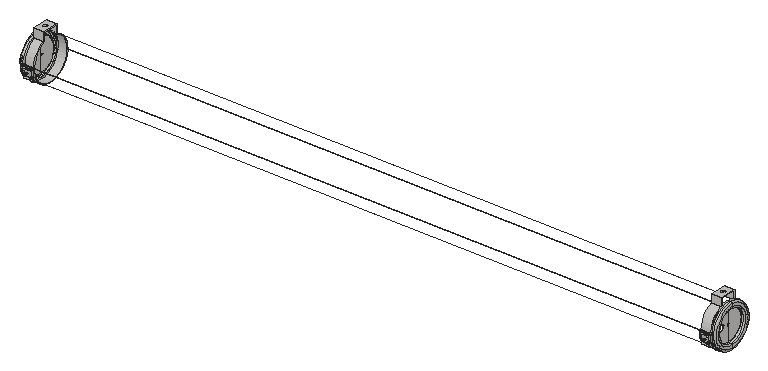
Revit family "FT Farm LED_2020", category Lighting Fixtures, Revit 2020
Family settings
  Round Connector Dimension = Use Diameter
  Part Type = Normal
  OmniClass Number = 23.80.70.00
  OmniClass Title = Lighting
  Work Plane-Based = No
  Always vertical = Yes
  Cut with Voids When Loaded = No
  Light Source = Yes
  Shared = No
  Room Calculation Point = No
Parameters (values of type "Q0963")
  Watts = 40 W
  Wattage = 45.1051 W
  built-in parameter 1150110 = 1 (stored number, unit not read)
  Useful life = "L70B50>50000"
  Unify glade rating = "UGR<19"
  URL = "https://www.airfal.com/prod/luminarias-estancas/luminaria-farm-led-2/"
  built-in parameter 1114217 = 1 (stored number, unit not read)
  Tilt Angle = 90.00°
  built-in parameter 1150109 = 1 (stored number, unit not read)
  built-in parameter 1150134 = 12
  built-in parameter 1150113 = 1 (stored number, unit not read)
  Size = 1500.00 mm
  Photometric Web File = "Q0963 FARM 1500 40W 6940 lm G5.IES"
  Photobiological risk group = "RG 0/1"
  Net output = 5193 lm
  MacAdam Ellipse = "3/4"
  built-in parameter 1150105 = 533.17 (stored number, unit not read)
  Lumens = 6700 lm
  built-in parameter 1150115 = 1 (stored number, unit not read)
  built-in parameter 1150137 = (empty or 0)
  built-in parameter 1150139 = (empty or 0)
  Led Module = yes
  built-in parameter 1150112 = 1 (stored number, unit not read)
  built-in parameter 1150114 = 1 (stored number, unit not read)
  L = 1660.00 mm
  built-in parameter 1150132 = 2
  built-in parameter 1150102 = (empty or 0)
  built-in parameter 1150107 = 4000 (stored number, unit not read)
  built-in parameter 1150138 = (empty or 0)
  built-in parameter 1150106 = 5.3317 (stored number, unit not read)
  IP = "IP69K"
  IK = "IK10"
  Glow wire test = ""
  Emit from Line Length = 609.60 mm
  Emergency system = no
  built-in parameter 1150104 = 13.8 (stored number, unit not read)
  EX Area = ""
  Dimming Lamp Color Temperature Shift = <None>
  Description = "https://www.airfal.com/wp-content/uploads/2018/12/FT-Farm-1.pdf"
  Default Elevation = 0.00 mm
  Color Filter = 16777215
  Chromatic Index = "CR>80"
  built-in parameter 1114218 = 1 (stored number, unit not read)
  built-in parameter 1150133 = 10 (stored number, unit not read)
Types (12, lengths in mm): name | Watts | Wattage | Tilt Angle | built-in parameter 1150134 | Size | Photometric Web File | Net output | built-in parameter 1150105 | Lumens | L | built-in parameter 1150107 | built-in parameter 1150106
  Q0795 | 13 W | 10.0308 W | 60.00° | (empty or 0) | 600.00 | "generic" | 1155 lm | 118.57 (stored number, unit not read) | 1490 lm | 763.00 | 3000 (stored number, unit not read) | 1.1857 (stored number, unit not read)
  Q0899 | 13 W | 10.4348 W | 60.00° | 12 | 600.00 | "generic" | 1201 lm | 123.35 (stored number, unit not read) | 1550 lm | 763.00 | 4000 (stored number, unit not read) | 1.2335 (stored number, unit not read)
  Q0900 | 16 W | 17.2342 W | 90.00° | (empty or 0) | 600.00 | "Q0900 FARM 600 16W 2650 lm G5.IES" | 1984 lm | 203.72 (stored number, unit not read) | 2560 lm | 763.00 | 3000 (stored number, unit not read) | 2.0372 (stored number, unit not read)
  Q0955 | 16 W | 17.9747 W | 90.00° | 12 | 600.00 | "Q0955 FARM 600 16W  2775 lm G5.IES" | 2070 lm | 212.47 (stored number, unit not read) | 2670 lm | 763.00 | 4000 (stored number, unit not read) | 2.1247 (stored number, unit not read)
  Q0796 | 24 W | 20.0617 W | 60.00° | (empty or 0) | 1200.00 | "generic" | 2310 lm | 237.14 (stored number, unit not read) | 2980 lm | 1375.00 | 3000 (stored number, unit not read) | 2.3714 (stored number, unit not read)
  Q0957 | 24 W | 21.5427 W | 60.00° | 12 | 1200.00 | "generic" | 2480 lm | 254.65 (stored number, unit not read) | 3200 lm | 1375.00 | 4000 (stored number, unit not read) | 2.5465 (stored number, unit not read)
  Q0958 | 32 W | 34.4684 W | 90.00° | (empty or 0) | 1200.00 | "Q0958 FARM 1200 32W  5300 lm G5.IES" | 3969 lm | 407.44 (stored number, unit not read) | 5120 lm | 1375.00 | 3000 (stored number, unit not read) | 4.0744 (stored number, unit not read)
  Q0959 | 32 W | 35.9494 W | 90.00° | 12 | 1200.00 | "Q0959 FARM 1200 32W 5550 lm G5.IES" | 4139 lm | 424.94 (stored number, unit not read) | 5340 lm | 1375.00 | 4000 (stored number, unit not read) | 4.2494 (stored number, unit not read)
  Q0797 | 32 W | 25.0434 W | 60.00° | (empty or 0) | 1500.00 | "generic" | 2883 lm | 296.03 (stored number, unit not read) | 3720 lm | 1660.00 | 3000 (stored number, unit not read) | 2.9603 (stored number, unit not read)
  Q0961 | 29 W | 26.9284 W | 60.00° | 12 | 1500.00 | "generic" | 3100 lm | 318.31 (stored number, unit not read) | 4000 lm | 1660.00 | 4000 (stored number, unit not read) | 3.1831 (stored number, unit not read)
  Q0962 | 40 W | 42.4796 W | 90.00° | (empty or 0) | 1500.00 | "Q0962 FARM 1500 40W 6631 lm G5.IES" | 5193 lm | 502.13 (stored number, unit not read) | 6310 lm | 1660.00 | 3000 (stored number, unit not read) | 5.0213 (stored number, unit not read)
  Q0963 | 40 W | 45.1051 W | 90.00° | 12 | 1500.00 | "Q0963 FARM 1500 40W 6940 lm G5.IES" | 5193 lm | 533.17 (stored number, unit not read) | 6700 lm | 1660.00 | 4000 (stored number, unit not read) | 5.3317 (stored number, unit not read)
Reference planes
  plane 1 "Light Source Axis (F/B)": y = -218.644
  plane 2: z = 0
  plane 3 "Light Source Axis (L/R)": x = 0
  plane 4 "Light Source Elevation": z = 1371.6
  plane 5: z = 0
  plane 6: x = -830
  plane 7: x = 830
  plane 8: z = 1321.6
Forms (mm)
  Extrusion 1, solid, material "Polycarbonate"
    sketch origin (0, 0, 0) x (0, 1, 0) y (0, 0, 1)
      loop
        circle (-218.644, 1371.6) r 50
    from -830 to 830
Dimensions and locks
  equal spacing: plane 6, plane 3 "Light Source Axis (L/R)", plane 7
  "L": plane 6 to plane 7
  aligned and locked: level to plane 5
  aligned and locked: Extrusion 1 to plane 6
  aligned and locked: Extrusion 1 to plane 7
  aligned and locked: plane 7 to nested 3
  aligned and locked: nested 3 to plane 4 "Light Source Elevation"
  aligned and locked: plane 6 to nested 4
  aligned and locked: plane 4 "Light Source Elevation" to nested 4
  aligned and locked: plane 1 "Light Source Axis (F/B)" to nested 4
  aligned and locked: plane 8 to imposter light
  aligned and locked: nested 1 to plane 6
  aligned and locked: nested 2 to plane 7
Automatic sketch dimensions
  Extrusion 1 sketch curve to plane 1 "Light Source Axis (F/B)" = 0.00 mm
  plane 4 "Light Source Elevation" to Extrusion 1 sketch curve = 0.00 mm
  radius of Extrusion 1 sketch curve = 50.00 mm
Nested families
  nested 1: "Quick opening stainless steel FARM-100mm" at (-818, -218.644, 1371.6) x (0, 1, 0) z (0, 0, 1), type "Quick opening stainless steel FARM-100mm"
  nested 2: "Quick opening stainless steel FARM-100mm" at (818, -218.644, 1371.6) x (0, 1, 0) z (0, 0, 1), type "Quick opening stainless steel FARM-100mm"
  nested 3: "SS 304 Stainless Steel 304 (hole)" at (830, -218.644, 1371.6) x (-1, 0, 0) z (0, 0, 1), type "D100"
  nested 4: "SS 304 Stainless Steel 304 (no hole)" at (-830, -218.644, 1371.6), type "D100"
Definition of nested family "Quick opening stainless steel FARM-100mm"
  Parameters
    Default Elevation = 0.00 mm
  Reference planes
    plane 1 "Center (Front/Back)": y = 0
    plane 2: z = 0
    plane 3 "Center (Left/Right)": x = 0
    plane 4: x = 50
    plane 5: x = -50
    plane 6: through (-51.932, -4572, 0.986) normal (0.9987, 0, 0.0504)
  Forms (mm)
    Extrusion 1, solid
      sketch origin (0, 0, 0) x (1, 0, 0) y (0, 0, 1)
        loop
          line (-19, 46.249) -> (-19, 66) -> (19, 66) -> (19, 46.249)
          arc (19, 46.249) -> (29.624, -40.279) -> (-49.81, -4.358) r 50
          line (-49.81, -4.358) -> (-50.806, -4.445)
          arc (-50.806, -4.445) -> (29.945, -41.283) -> (20, 46.915) r 51
          line (20, 46.915) -> (20, 67) -> (-20, 67) -> (-20, 46.915)
          arc (-20, 46.915) -> (-42.1, 28.786) -> (-50.974, 1.614) r 51
          arc (-50.974, 1.614) -> (-51.29, 1.165) -> (-51.828, 1.276) r 0.5
          line (-51.828, 1.276) -> (-56.07, 5.519) -> (-56.778, 4.812) -> (-52.535, 0.569)
          arc (-52.535, 0.569) -> (-50.875, 0.425) -> (-49.967, 1.822) r 1.619
          arc (-49.967, 1.822) -> (-41.019, 28.591) -> (-19, 46.249) r 50
      from -12 to 12
    Sweep 2, solid
      path origin (-1.284, 0.781, 2.348) x (0, 1, 0) y (-0.030516, 0, 0.999534)
        loop
          line (10.214, 1.776) -> (-11.777, 1.776)
          arc (-11.777, 1.776) -> (-13.191, 1.19) -> (-13.777, -0.224) r 2
          line (-13.777, -0.224) -> (-13.777, -15.814)
          arc (-13.777, -15.814) -> (-13.191, -17.228) -> (-11.777, -17.814) r 2
          line (-11.777, -17.814) -> (10.214, -17.814)
          arc (10.214, -17.814) -> (11.628, -17.228) -> (12.214, -15.814) r 2
          line (12.214, -15.814) -> (12.214, -0.224)
          arc (12.214, -0.224) -> (11.628, 1.19) -> (10.214, 1.776) r 2
      profile origin (-1.338, 0, 4.123) x (0.030516, 0, -0.999534) y (0.999534, 0, 0.030516)
        loop
          circle (0, -50.482) r 0.8
    Extrusion 3, solid
      sketch origin (2.155, 0, 0.192) x (1, 0, 0) y (0, 0, 1)
        loop
          arc (-53.343, -1.904) -> (-53.731, -1.244) -> (-54.472, -1.052) r 1
          line (-54.472, -1.052) -> (-55.784, -1.236)
          arc (-55.784, -1.236) -> (-57.104, -2.012) -> (-57.488, -3.494) r 2
          line (-57.488, -3.494) -> (-55.129, -20.352)
          arc (-55.129, -20.352) -> (-54.99, -20.738) -> (-54.707, -21.036) r 1
          arc (-54.707, -21.036) -> (-53.399, -23.326) -> (-54.37, -25.777) r 3.043
          line (-54.37, -25.777) -> (-53.074, -25.595)
          arc (-53.074, -25.595) -> (-52.104, -23.144) -> (-53.411, -20.855) r 3.043
          arc (-53.411, -20.855) -> (-53.688, -20.567) -> (-53.83, -20.195) r 1
          arc (-53.83, -20.195) -> (-53.627, -19.468) -> (-52.975, -19.09) r 1
          line (-52.975, -19.09) -> (-51.968, -18.949)
          arc (-51.968, -18.949) -> (-51.308, -18.561) -> (-51.116, -17.82) r 1
          line (-51.116, -17.82) -> (-53.343, -1.904)
        loop
          line (-56.993, -3.424) -> (-56.809, -4.734) -> (-55.324, -4.527) -> (-55.715, -1.731)
          arc (-55.715, -1.731) -> (-56.705, -2.313) -> (-56.993, -3.424) r 1.5
        loop
          circle (-53.087, -17.163) r 1.401
      from -9.93 to 9.9
    Extrusion 4, void
      sketch origin (0, 0, 0) x (1, 0, 0) y (0, 1, 0)
        loop
          circle (0, 0) r 4.5
      from 66 to 67
  Cuts and joins
    Extrusion 4 cuts Extrusion 1
  Dimensions and locks
    aligned and locked: plane 2 to level
  Automatic sketch dimensions
    plane 1 "Center (Front/Back)" to Extrusion 4 sketch curve = 0.00 mm
    Extrusion 4 sketch curve to plane 3 "Center (Left/Right)" = 0.00 mm
    Extrusion 1 sketch curve to Extrusion 1 sketch curve = 0.00 mm  (x13)
    Extrusion 1 sketch curve to plane 3 "Center (Left/Right)" = 0.00 mm
    Extrusion 1 sketch curve to Extrusion 1 sketch curve = 1.00 mm  (x3)
    plane 5 to Extrusion 1 sketch curve = 1.474 mm
    Extrusion 1 sketch curve to Extrusion 1 sketch curve = 0.111 mm
    Extrusion 1 sketch curve to Extrusion 1 sketch curve = 0.354 mm  (x2)
    level to Extrusion 1 sketch curve = 0.569 mm
    Extrusion 1 sketch curve to Extrusion 1 sketch curve = 0.707 mm  (x3)
    Extrusion 1 sketch curve to Extrusion 1 sketch curve = 4.485 mm
    Extrusion 1 sketch curve to Extrusion 1 sketch curve = 0.251 mm
    Extrusion 1 sketch curve to Extrusion 1 sketch curve = 0.665 mm  (x2)
    Extrusion 1 sketch curve to Extrusion 1 sketch curve = 19.085 mm
    plane 5 to Extrusion 1 sketch curve = 0.806 mm
    Extrusion 1 sketch curve to level = 4.445 mm
    Extrusion 1 sketch curve to plane 5 = 0.19 mm
    Extrusion 1 sketch curve to level = 4.358 mm
    Extrusion 1 sketch curve to plane 3 "Center (Left/Right)" = 20.00 mm
    Extrusion 1 sketch curve to level = 0.00 mm
    Extrusion 3 sketch curve to Extrusion 3 sketch curve = 0.00 mm  (x2)
    Extrusion 3 sketch curve to level = 3.302 mm
    plane 5 to Extrusion 3 sketch curve = 5.333 mm
    Extrusion 3 sketch curve to Extrusion 3 sketch curve = 0.495 mm
    Extrusion 3 sketch curve to Extrusion 3 sketch curve = 0.183 mm  (x2)
    plane 5 to Extrusion 3 sketch curve = 4.279 mm
    Extrusion 3 sketch curve to level = 1.044 mm
    Extrusion 3 sketch curve to Extrusion 3 sketch curve = 1.208 mm
    Extrusion 3 sketch curve to level = 1.539 mm
    Extrusion 3 sketch curve to Extrusion 3 sketch curve = 0.069 mm
    Extrusion 3 sketch curve to Extrusion 3 sketch curve = 0.208 mm
    Extrusion 3 sketch curve to Extrusion 3 sketch curve = 1.296 mm
    plane 5 to Extrusion 3 sketch curve = 2.974 mm
    Extrusion 3 sketch curve to level = 0.86 mm
    Extrusion 3 sketch curve to Extrusion 3 sketch curve = 1.312 mm
    plane 5 to Extrusion 3 sketch curve = 2.215 mm
    Extrusion 3 sketch curve to Extrusion 3 sketch curve = 0.139 mm  (x2)
    Extrusion 3 sketch curve to Extrusion 3 sketch curve = 0.99 mm  (x4)
    plane 5 to Extrusion 3 sketch curve = 0.932 mm
    plane 5 to Extrusion 3 sketch curve = 0.919 mm
    plane 5 to Extrusion 3 sketch curve = 0.82 mm
    plane 5 to Extrusion 3 sketch curve = 0.688 mm
    Extrusion 3 sketch curve to Extrusion 3 sketch curve = 0.007 mm
    Extrusion 3 sketch curve to plane 5 = 0.048 mm
    Extrusion 3 sketch curve to plane 5 = 0.187 mm
    Extrusion 3 sketch curve to Extrusion 3 sketch curve = 12.637 mm
    Extrusion 3 sketch curve to Extrusion 3 sketch curve = 0.657 mm
    Extrusion 3 sketch curve to Extrusion 3 sketch curve = 0.141 mm
    Extrusion 3 sketch curve to Extrusion 3 sketch curve = 0.942 mm
    Extrusion 3 sketch curve to Extrusion 3 sketch curve = 0.048 mm
    Extrusion 3 sketch curve to Extrusion 3 sketch curve = 0.181 mm  (x3)
    Extrusion 3 sketch curve to Extrusion 3 sketch curve = 3.008 mm
    Extrusion 3 sketch curve to Extrusion 3 sketch curve = 2.236 mm
    Extrusion 3 sketch curve to Extrusion 3 sketch curve = 0.309 mm
    plane 1 "Center (Front/Back)" to Sweep 2 sketch curve = 12.995 mm
    Sweep 2 sketch curve to Sweep 2 sketch curve = 2.00 mm  (x3)
    Sweep 2 sketch curve to plane 1 "Center (Front/Back)" = 10.995 mm  (x2)
    Sweep 2 sketch curve to Sweep 2 sketch curve = 15.59 mm
    profile plane to Sweep 2 sketch curve = 0.00 mm
    Sweep 2 sketch curve to profile plane = 50.482 mm
    radius of Extrusion 4 sketch curve = 4.50 mm
    radius of Extrusion 3 sketch curve = 1.401 mm
    radius of Sweep 2 sketch curve = 0.80 mm
Definition of nested family "SS 304 Stainless Steel 304 (hole)"
  Parameters (values of type "D83")
    R = 41.50 mm
    Default Elevation = 0.00 mm
  Types (3, lengths in mm): name | R
    (no name) | 41.50
    D100 | 50.00
    D83 | 41.50
  Reference planes
    plane 1 "Center (Front/Back)": y = 0
    plane 2: z = 0
    plane 3 "Center (Left/Right)": x = 0
  Forms (mm)
    Revolve 1, solid
      sketch origin (0, 0, 0) x (1, 0, 0) y (0, 0, 1)
        loop
          line (0, 4.23) -> (1, 4.23) -> (1, 30.08)
          arc (1, 30.08) -> (0.707, 30.787) -> (0, 31.08) r 1
          line (0, 31.08) -> (-6.5, 31.08)
          arc (-6.5, 31.08) -> (-8.268, 31.812) -> (-9, 33.58) r 2.5
          line (-9, 33.58) -> (-9, 38.5)
          arc (-9, 38.5) -> (-8.121, 40.621) -> (-6, 41.5) r 3
          line (-6, 41.5) -> (0, 41.5)
          arc (0, 41.5) -> (0.793, 43.109) -> (-0.966, 42.759) r 1
          line (-0.966, 42.759) -> (0, 42.5) -> (-7, 42.5)
          arc (-7, 42.5) -> (-9.121, 41.621) -> (-10, 39.5) r 3
          line (-10, 39.5) -> (-10, 32.58)
          arc (-10, 32.58) -> (-9.268, 30.812) -> (-7.5, 30.08) r 2.5
          line (-7.5, 30.08) -> (-1, 30.08)
          arc (-1, 30.08) -> (-0.293, 29.787) -> (0, 29.08) r 1
          line (0, 29.08) -> (0, 4.23)
        axis (-10, 0) -> (1, 0)
      angle from 0 to 360
    Extrusion 2, void
      sketch origin (0, 0, 0) x (0, 1, 0) y (0, 0, 1)
        loop
          circle (22.537, 0) r 9.25
      from 0 to 1
  Cuts and joins
    Extrusion 2 cuts Revolve 1
  Lines and regions (mm)
    model lines
      curve 1: line (-0.966, 0, 0) -> (1, 0, 0)
  Dimensions and locks
    "R": Revolve 1 sketch curve to Revolve 1 sketch curve
    aligned and locked: plane 2 to level
  Automatic sketch dimensions
    curve 1 to level = 0.00 mm
    curve 1 to plane 3 "Center (Left/Right)" = 0.966 mm
    plane 3 "Center (Left/Right)" to curve 1 = 1.00 mm
    Extrusion 2 sketch curve to level = 0.00 mm
    Extrusion 2 sketch curve to plane 1 "Center (Front/Back)" = 22.537 mm
    Revolve 1 sketch curve to level = 0.00 mm
    Revolve 1 sketch curve to plane 3 "Center (Left/Right)" = 0.00 mm  (x4)
    Revolve 1 sketch curve to plane 3 "Center (Left/Right)" = 0.966 mm
    Revolve 1 sketch curve to Revolve 1 sketch curve = 1.00 mm  (x5)
    Revolve 1 sketch curve to Revolve 1 sketch curve = 5.034 mm
    Revolve 1 sketch curve to Revolve 1 sketch curve = 5.50 mm
    Revolve 1 sketch curve to Revolve 1 sketch curve = 1.50 mm
    plane 3 "Center (Left/Right)" to Revolve 1 sketch curve = 1.00 mm
    level to Revolve 1 sketch curve = 4.23 mm
    Revolve 1 sketch curve to Revolve 1 sketch curve = 9.42 mm
    Revolve 1 sketch curve to Revolve 1 sketch curve = 0.00 mm  (x2)
    Revolve 1 sketch curve to plane 3 "Center (Left/Right)" = 26.536 mm
    Revolve 1 sketch curve to Revolve 1 sketch curve = 40.858 mm
    radius of Extrusion 2 sketch curve = 9.25 mm
Definition of nested family "SS 304 Stainless Steel 304 (no hole)"
  Parameters (values of type "D83")
    R = 41.50 mm
    Default Elevation = 0.00 mm
  Types (3, lengths in mm): name | R
    (no name) | 41.50
    D100 | 50.00
    D83 | 41.50
  Reference planes
    plane 1 "Center (Front/Back)": y = 0
    plane 2: z = 0
    plane 3 "Center (Left/Right)": x = 0
  Forms (mm)
    Revolve 1, solid
      sketch origin (0, 0, 0) x (1, 0, 0) y (0, 0, 1)
        loop
          line (1, 4.23) -> (1, 30.08)
          arc (1, 30.08) -> (0.707, 30.787) -> (0, 31.08) r 1
          line (0, 31.08) -> (-6.5, 31.08)
          arc (-6.5, 31.08) -> (-8.268, 31.812) -> (-9, 33.58) r 2.5
          line (-9, 33.58) -> (-9, 38.5)
          arc (-9, 38.5) -> (-8.121, 40.621) -> (-6, 41.5) r 3
          line (-6, 41.5) -> (0, 41.5)
          arc (0, 41.5) -> (0.793, 43.109) -> (-0.966, 42.759) r 1
          line (-0.966, 42.759) -> (0, 42.5) -> (-7, 42.5)
          arc (-7, 42.5) -> (-9.121, 41.621) -> (-10, 39.5) r 3
          line (-10, 39.5) -> (-10, 32.58)
          arc (-10, 32.58) -> (-9.268, 30.812) -> (-7.5, 30.08) r 2.5
          line (-7.5, 30.08) -> (-1, 30.08)
          arc (-1, 30.08) -> (-0.293, 29.787) -> (0, 29.08) r 1
          line (0, 29.08) -> (0, 4.23) -> (1, 4.23)
        axis (-10, 0) -> (1, 0)
      angle from 0 to 360
  Lines and regions (mm)
    model lines
      curve 1: line (-0.966, 0, 0) -> (1.034, 0, 0)
  Dimensions and locks
    "R": Revolve 1 sketch curve to Revolve 1 sketch curve
    Revolve 1 sketch curve to Revolve 1 sketch curve to Revolve 1 sketch curve to Revolve 1 sketch curve = 1.00 mm, 10.42 mm, 1.00 mm
    aligned and locked: plane 2 to level
  Automatic sketch dimensions
    curve 1 to level = 0.00 mm
    curve 1 to plane 3 "Center (Left/Right)" = 0.966 mm
    plane 3 "Center (Left/Right)" to curve 1 = 1.034 mm
    Revolve 1 sketch curve to level = 0.00 mm
    Revolve 1 sketch curve to plane 3 "Center (Left/Right)" = 0.00 mm  (x4)
    Revolve 1 sketch curve to plane 3 "Center (Left/Right)" = 0.966 mm
    Revolve 1 sketch curve to Revolve 1 sketch curve = 1.00 mm  (x4)
    Revolve 1 sketch curve to Revolve 1 sketch curve = 5.034 mm
    Revolve 1 sketch curve to Revolve 1 sketch curve = 5.50 mm
    Revolve 1 sketch curve to Revolve 1 sketch curve = 2.00 mm
    plane 3 "Center (Left/Right)" to Revolve 1 sketch curve = 1.00 mm
    level to Revolve 1 sketch curve = 4.23 mm
    Revolve 1 sketch curve to Revolve 1 sketch curve = 0.00 mm
    Revolve 1 sketch curve to plane 3 "Center (Left/Right)" = 26.536 mm
    Revolve 1 sketch curve to Revolve 1 sketch curve = 40.858 mm
